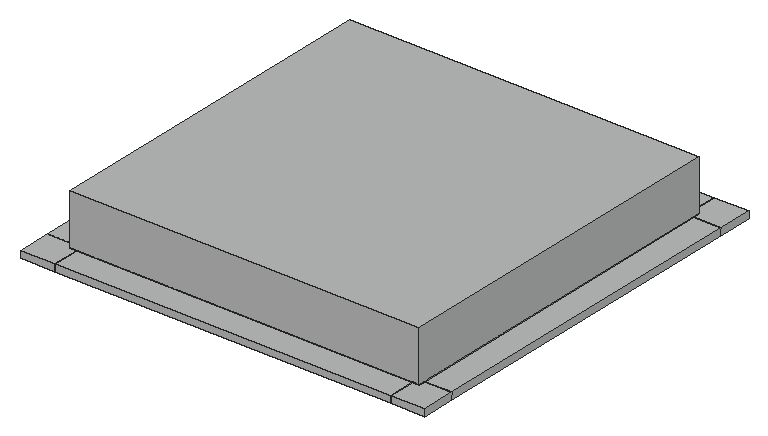
Revit family "ALUMOGIPS", category Осветительные приборы, Revit 2019 (continued)
Types (72, lengths in mm): name | Файл фотометрической сетки | built-in parameter 1150105 | Lumens | built-in parameter 1150106 | built-in parameter 1150142 | Wattage | Emit from Rectangle Width | Emit from Rectangle Length | Длина | Материал светильника | Ширина | ADSK_Ток | ADSK_Полная мощность | ADSK_Обозначение | ADSK_Номинальная мощность | ADSK_Наименование | ADSK_Масса | ADSK_Код изделия
  Alumogips-38/opal-sand 295х1195 (IP40, 4000К, серый) c БАП на 3 часа | "Светильник ALUMOGIPS-38 OPAL-SAND-(295x1195).ies" | 302.39 (stored number, unit not read) | 3800 lm | 3.0239 (stored number, unit not read) | "IESNA:LM-63-1995\r\n[TEST] Протокол №334/16 от 03.11.2016г. Испытательная лаборатория Государственного предприятия \"ЦСОТ НАН Беларуси\"\r\n[MORE] FFFFFFFD255B12BA015C13F525FB5F2F2\r\n[DATA] 02.11.2016\r\n[MANUFAC] ЗАО \"Центрстройсвет\"\r\n[LUMCAT] Светильник ALUMOGIPS-38/OPAL-SAND-(295X1195)\r\n[LUMINAIRE] офисное освещение\r\n[LAMP] \r\nTILT=NONE\r\n1    -1.0   1.000 91 181 1 2   .295   1.195   0.04\r\n1.0  1.0   37.90\r\n0.0 2.0 4.0 6.0 8.0 10.0 12.0 14.0 16.0 18.0 20.0 22.0 24.0 26.0 28.0 30.0 32.0 34.0 36.0 38.0 40.0 42.0 44.0 46.0 48.0 50.0 52.0 54.0 56.0 58.0 60.0 62.0 64.0 66.0 68.0 70.0 72.0 74.0 76.0 78.0 80.0 82.0 84.0 86.0 88.0 90.0 92.0 94.0 96.0 98.0 100.0 102.0 104.0 106.0 108.0 110.0 112.0 114.0 116.0 118.0 120.0 122.0 124.0 126.0 128.0 130.0 132.0 134.0 136.0 138.0 140.0 142.0 144.0 146.0 148.0 150.0 152.0 154.0 156.0 158.0 160.0 162.0 164.0 166.0 168.0 170.0 172.0 174.0 176.0 178.0 180.0 \r\n0.0 2.0 4.0 6.0 8.0 10.0 12.0 14.0 16.0 18.0 20.0 22.0 24.0 26.0 28.0 30.0 32.0 34.0 36.0 38.0 40.0 42.0 44.0 46.0 48.0 50.0 52.0 54.0 56.0 58.0 60.0 62.0 64.0 66.0 68.0 70.0 72.0 74.0 76.0 78.0 80.0 82.0 84.0 86.0 88.0 90.0 92.0 94.0 96.0 98.0 100.0 102.0 104.0 106.0 108.0 110.0 112.0 114.0 116.0 118.0 120.0 122.0 124.0 126.0 128.0 130.0 132.0 134.0 136.0 138.0 140.0 142.0 144.0 146.0 148.0 150.0 152.0 154.0 156.0 158.0 160.0 162.0 164.0 166.0 168.0 170.0 172.0 174.0 176.0 178.0 180.0 182.0 184.0 186.0 188.0 190.0 192.0 194.0 196.0 198.0 200.0 202.0 204.0 206.0 208.0 210.0 212.0 214.0 216.0 218.0 220.0 222.0 224.0 226.0 228.0 230.0 232.0 234.0 236.0 238.0 240.0 242.0 244.0 246.0 248.0 250.0 252.0 254.0 256.0 258.0 260.0 262.0 264.0 266.0 268.0 270.0 272.0 274.0 276.0 278.0 280.0 282.0 284.0 286.0 288.0 290.0 292.0 294.0 296.0 298.0 300.0 302.0 304.0 306.0 308.0 310.0 312.0 314.0 316.0 318.0 320.0 322.0 324.0 326.0 328.0 330.0 332.0 334.0 336.0 338.0 340.0 342.0 344.0 346.0 348.0 350.0 352.0 354.0 356.0 358.0 360.0 \r\n1417.637 1416.354 1411.816 1405.303 1395.733 1384.288 1370.276 1353.307 1334.658 1313.741 1290.456 1264.901 1237.669 1208.563 1177.582 1144.923 1111.476 1076.252 \r\n1039.646 1001.857 963.476 923.417 883.260 842.018 801.072 758.644 716.317 673.693 630.576 587.064 543.749 500.435 457.614 414.891 371.972 330.137 289.191 248.836 209.765 171.778 \r\n133.693 99.653 67.389 36.901 9.077 0.592 0.592 0.592 0.493 0.493 0.493 0.493 0.493 0.493 0.493 0.493 0.395 0.395 0.395 0.395 0.395 0.395 0.395 0.296 0.296 0.296 0.296 0.296 0.296 0.296 0.296 0.197 \r\n0.197 0.197 0.197 0.197 0.197 0.197 0.197 0.098 0.098 0.098 0.098 0.098 0.098 0.098 0.098 0.000 0.000 0.000 0.000 \r\n1417.637 1416.453 1411.914 1405.402 1395.930 1384.583 1370.671 1353.701 1335.053 1314.234 1290.850 1265.395 1238.261 1209.155 1178.075 1145.515 1112.067 1076.844 \r\n1040.239 1002.548 964.167 924.207 883.951 842.708 801.762 759.336 717.008 674.383 631.267 587.755 544.441 501.126 458.206 415.385 372.465 330.631 289.585 249.231 210.160 172.172 \r\n134.088 99.949 67.685 37.198 9.275 0.592 0.592 0.592 0.493 0.493 0.493 0.493 0.493 0.493 0.493 0.493 0.395 0.395 0.395 0.395 0.395 0.395 0.395 0.296 0.296 0.296 0.296 0.296 0.296 0.296 0.296 0.197 \r\n0.197 0.197 0.197 0.197 0.197 0.197 0.197 0.098 0.098 0.098 0.098 0.098 0.098 0.098 0.098 0.000 0.000 0.000 0.000 \r\n1417.637 1416.453 1412.013 1405.600 1396.226 1384.781 1370.968 1354.095 1335.448 1314.629 1291.344 1265.888 1238.754 1209.648 1178.667 1146.206 1112.758 1077.534 \r\n1040.929 1003.140 964.857 924.898 884.740 843.400 802.453 760.026 717.698 674.976 631.859 588.446 545.032 501.718 458.798 415.977 373.057 331.124 290.079 249.625 210.553 172.567 \r\n134.383 100.245 67.883 37.394 9.472 0.592 0.592 0.592 0.493 0.493 0.493 0.493 0.493 0.493 0.493 0.493 0.395 0.395 0.395 0.395 0.395 0.395 0.395 0.296 0.296 0.296 0.296 0.296 0.296 0.296 0.296 0.197 \r\n0.197 0.197 0.197 0.197 0.197 0.197 0.197 0.098 0.098 0.098 0.098 0.098 0.098 0.098 0.098 0.000 0.000 0.000 0.000 \r\n1417.637 1416.551 1412.111 1405.796 1396.423 1385.077 1371.264 1354.391 1335.842 1315.024 1291.837 1266.382 1239.248 1210.240 1179.259 1146.798 1113.350 1078.126 \r\n1041.620 1003.831 965.548 925.588 885.431 844.090 803.143 760.717 718.389 675.666 632.549 589.038 545.723 502.310 459.390 416.569 373.550 331.617 290.474 250.119 210.948 172.863 \r\n134.679 100.541 68.178 37.591 9.669 0.592 0.592 0.592 0.493 0.493 0.493 0.493 0.493 0.493 0.493 0.493 0.395 0.395 0.395 0.395 0.395 0.395 0.395 0.296 0.296 0.296 0.296 0.296 0.296 0.296 0.296 0.197 \r\n0.197 0.197 0.197 0.197 0.197 0.197 0.197 0.098 0.098 0.098 0.098 0.098 0.098 0.098 0.098 0.000 0.000 0.000 0.000 \r\n1417.637 1416.551 1412.309 1405.895 1396.621 1385.373 1371.559 1354.786 1336.237 1315.419 1292.232 1266.875 1239.742 1210.733 1179.851 1147.390 1113.942 1078.816 \r\n1042.310 1004.521 966.238 926.279 886.121 844.879 803.834 761.408 719.080 676.357 633.240 589.728 546.315 502.902 459.982 417.062 374.043 332.110 290.967 250.513 211.343 173.258 \r\n135.074 100.837 68.376 37.888 9.965 0.592 0.592 0.592 0.493 0.493 0.493 0.493 0.493 0.493 0.493 0.493 0.395 0.395 0.395 0.395 0.395 0.395 0.395 0.296 0.296 0.296 0.296 0.296 0.296 0.296 0.296 0.197 \r\n0.197 0.197 0.197 0.197 0.197 0.197 0.197 0.098 0.098 0.098 0.098 0.098 0.098 0.098 0.098 0.000 0.000 0.000 0.000 \r\n1417.637 1416.650 1412.407 1406.093 1396.917 1385.669 1371.954 1355.181 1336.632 1315.912 1292.725 1267.368 1240.334 1211.325 1180.443 1147.982 1114.633 1079.409 \r\n1042.903 1005.212 966.929 926.969 886.812 845.569 804.524 762.098 719.770 677.048 633.832 590.320 546.907 503.494 460.574 417.654 374.636 332.603 291.460 250.908 211.738 173.653 \r\n135.371 101.133 68.671 38.086 10.163 0.592 0.592 0.592 0.493 0.493 0.493 0.493 0.493 0.493 0.493 0.493 0.395 0.395 0.395 0.395 0.395 0.395 0.395 0.296 0.296 0.296 0.296 0.296 0.296 0.296 0.296 0.197 \r\n0.197 0.197 0.197 0.197 0.197 0.197 0.197 0.098 0.098 0.098 0.098 0.098 0.098 0.098 0.098 0.000 0.000 0.000 0.000 \r\n1417.637 1416.650 1412.506 1406.191 1397.114 1385.866 1372.250 1355.576 1337.027 1316.307 1293.218 1267.861 1240.827 1211.918 1181.035 1148.672 1115.225 1080.099 \r\n1043.593 1005.902 967.620 927.660 887.503 846.260 805.215 762.789 720.461 677.739 634.523 591.011 547.598 504.086 461.166 418.247 375.129 333.098 291.855 251.401 212.132 173.948 \r\n135.666 101.429 68.968 38.381 10.360 0.592 0.592 0.592 0.493 0.493 0.493 0.493 0.493 0.493 0.493 0.493 0.395 0.395 0.395 0.395 0.395 0.395 0.395 0.296 0.296 0.296 0.296 0.296 0.296 0.296 0.296 0.197 \r\n0.197 0.197 0.197 0.197 0.197 0.197 0.197 0.098 0.098 0.098 0.098 0.098 0.098 0.098 0.098 0.000 0.000 0.000 0.000 \r\n1417.637 1416.650 1412.604 1406.389 1397.311 1386.162 1372.546 1355.871 1337.421 1316.701 1293.613 1268.355 1241.320 1212.411 1181.627 1149.265 1115.816 1080.691 \r\n1044.284 1006.593 968.212 928.351 888.194 846.951 805.906 763.479 721.151 678.429 635.213 591.702 548.190 504.777 461.758 418.740 375.721 333.591 292.348 251.796 212.527 174.343 \r\n135.962 101.627 69.165 38.579 10.557 0.592 0.592 0.592 0.493 0.493 0.493 0.493 0.493 0.493 0.493 0.395 0.395 0.395 0.395 0.395 0.395 0.395 0.395 0.296 0.296 0.296 0.296 0.296 0.296 0.296 0.296 0.197 \r\n0.197 0.197 0.197 0.197 0.197 0.197 0.197 0.098 0.098 0.098 0.098 0.098 0.098 0.098 0.098 0.000 0.000 0.000 0.000 \r\n1417.637 1416.749 1412.704 1406.586 1397.607 1386.458 1372.941 1356.266 1337.815 1317.095 1294.106 1268.848 1241.813 1213.003 1182.219 1149.856 1116.409 1081.382 \r\n1044.876 1007.283 968.902 929.042 888.885 847.642 806.597 764.170 721.843 679.120 635.806 592.293 548.881 505.368 462.351 419.332 376.214 334.084 292.841 252.191 212.922 174.738 \r\n136.357 101.922 69.461 38.776 10.853 0.592 0.592 0.592 0.493 0.493 0.493 0.493 0.493 0.493 0.493 0.395 0.395 0.395 0.395 0.395 0.395 0.395 0.395 0.296 0.296 0.296 0.296 0.296 0.296 0.296 0.296 0.197 \r\n0.197 0.197 0.197 0.197 0.197 0.197 0.197 0.098 0.098 0.098 0.098 0.098 0.098 0.098 0.098 0.000 0.000 0.000 0.000 \r\n1417.637 1416.749 1412.802 1406.684 1397.805 1386.754 1373.237 1356.661 1338.210 1317.589 1294.599 1269.341 1242.406 1213.496 1182.811 1150.448 1117.099 1081.974 \r\n1045.566 1007.974 969.593 929.732 889.575 848.333 807.287 764.861 722.533 679.712 636.496 592.985 549.472 505.960 462.942 419.825 376.707 334.577 293.236 252.684 213.317 175.034 \r\n136.652 102.218 69.659 39.072 11.051 0.592 0.592 0.592 0.493 0.493 0.493 0.493 0.493 0.493 0.493 0.395 0.395 0.395 0.395 0.395 0.395 0.395 0.395 0.296 0.296 0.296 0.296 0.296 0.296 0.296 0.296 0.197 \r\n0.197 0.197 0.197 0.197 0.197 0.197 0.197 0.098 0.098 0.098 0.098 0.098 0.098 0.098 0.098 0.000 0.000 0.000 0.000 \r\n1417.637 1416.848 1412.901 1406.882 1398.002 1387.051 1373.533 1356.957 1338.605 1317.983 1294.994 1269.834 1242.899 1214.089 1183.403 1151.041 1117.692 1082.665 \r\n1046.257 1008.566 970.284 930.423 890.266 849.121 807.978 765.552 723.224 680.403 637.187 593.675 550.163 506.553 463.534 420.416 377.300 335.071 293.729 253.079 213.712 175.429 \r\n136.949 102.515 69.954 39.269 11.248 0.592 0.592 0.592 0.493 0.493 0.493 0.493 0.493 0.493 0.493 0.395 0.395 0.395 0.395 0.395 0.395 0.395 0.395 0.296 0.296 0.296 0.296 0.296 0.296 0.296 0.296 0.197 \r\n0.197 0.197 0.197 0.197 0.197 0.197 0.197 0.098 0.098 0.098 0.098 0.098 0.098 0.098 0.098 0.000 0.000 0.000 0.000 \r\n1417.637 1416.848 1412.999 1407.079 1398.298 1387.247 1373.829 1357.352 1339.000 1318.378 1295.488 1270.327 1243.392 1214.680 1183.995 1151.731 1118.283 1083.257 \r\n1046.849 1009.257 970.975 931.113 891.055 849.813 808.668 766.242 723.914 681.093 637.779 594.266 550.755 507.145 464.126 421.009 377.793 335.564 294.222 253.474 214.105 175.823 \r\n137.343 102.810 70.250 39.467 11.445 0.592 0.592 0.592 0.493 0.493 0.493 0.493 0.493 0.493 0.493 0.395 0.395 0.395 0.395 0.395 0.395 0.395 0.395 0.296 0.296 0.296 0.296 0.296 0.296 0.296 0.296 0.197 \r\n0.197 0.197 0.197 0.197 0.197 0.197 0.197 0.098 0.098 0.098 0.098 0.098 0.098 0.098 0.098 0.000 0.000 0.000 0.000 \r\n1417.637 1416.946 1413.098 1407.178 1398.495 1387.544 1374.223 1357.747 1339.395 1318.773 1295.882 1270.822 1243.886 1215.174 1184.587 1152.323 1118.974 1083.848 \r\n1047.540 1009.947 971.665 931.903 891.746 850.503 809.359 766.933 724.507 681.784 638.470 594.958 551.445 507.836 464.718 421.502 378.287 336.057 294.617 253.967 214.500 176.119 \r\n137.640 103.106 70.447 39.762 11.741 0.592 0.592 0.592 0.493 0.493 0.493 0.493 0.493 0.493 0.493 0.395 0.395 0.395 0.395 0.395 0.395 0.395 0.395 0.296 0.296 0.296 0.296 0.296 0.296 0.296 0.296 0.197 \r\n0.197 0.197 0.197 0.197 0.197 0.197 0.197 0.098 0.098 0.098 0.098 0.098 0.098 0.098 0.098 0.000 0.000 0.000 0.000 \r\n1417.637 1416.946 1413.197 1407.376 1398.693 1387.839 1374.520 1358.042 1339.789 1319.168 1296.376 1271.315 1244.477 1215.765 1185.179 1152.915 1119.566 1084.539 \r\n1048.230 1010.638 972.356 932.594 892.436 851.194 810.050 767.623 725.197 682.474 639.160 595.649 552.038 508.427 465.310 422.094 378.878 336.550 295.111 254.362 214.895 176.514 \r\n137.935 103.403 70.744 39.960 11.939 0.592 0.592 0.592 0.493 0.493 0.493 0.493 0.493 0.493 0.493 0.395 0.395 0.395 0.395 0.395 0.395 0.395 0.395 0.296 0.296 0.296 0.296 0.296 0.296 0.296 0.296 0.197 \r\n0.197 0.197 0.197 0.197 0.197 0.197 0.197 0.098 0.098 0.098 0.098 0.098 0.098 0.098 0.098 0.000 0.000 0.000 0.000 \r\n1417.637 1417.044 1413.295 1407.474 1398.890 1388.135 1374.815 1358.437 1340.184 1319.661 1296.869 1271.808 1244.971 1216.258 1185.673 1153.507 1120.158 1085.131 \r\n1048.823 1011.329 973.046 933.284 893.127 851.884 810.741 768.314 725.888 683.165 639.752 596.240 552.728 509.019 465.902 422.686 379.371 337.044 295.505 254.757 215.388 176.909 \r\n138.232 103.698 70.942 40.157 12.136 0.592 0.592 0.592 0.493 0.493 0.493 0.493 0.493 0.493 0.493 0.395 0.395 0.395 0.395 0.395 0.395 0.395 0.395 0.296 0.296 0.296 0.296 0.296 0.296 0.296 0.296 0.197 \r\n0.197 0.197 0.197 0.197 0.197 0.197 0.197 0.098 0.098 0.098 0.098 0.098 0.098 0.098 0.098 0.000 0.000 0.000 0.000 \r\n1417.637 1417.044 1413.394 1407.671 1399.187 1388.333 1375.111 1358.832 1340.578 1320.056 1297.264 1272.301 1245.464 1216.851 1186.264 1154.099 1120.849 1085.822 \r\n1049.513 1012.020 973.737 933.975 893.818 852.575 811.432 769.004 726.578 683.855 640.443 596.930 553.321 509.611 466.494 423.180 379.964 337.537 295.999 255.250 215.783 177.304 \r\n138.626 103.994 71.237 40.453 12.333 0.592 0.592 0.592 0.493 0.493 0.493 0.493 0.493 0.493 0.493 0.395 0.395 0.395 0.395 0.395 0.395 0.395 0.395 0.296 0.296 0.296 0.296 0.296 0.296 0.296 0.296 0.197 \r\n0.197 0.197 0.197 0.197 0.197 0.197 0.197 0.098 0.098 0.098 0.098 0.098 0.098 0.098 0.098 0.000 0.000 0.000 0.000 \r\n1417.637 1417.143 1413.492 1407.869 1399.383 1388.629 1375.506 1359.226 1340.973 1320.451 1297.757 1272.795 1246.056 1217.443 1186.856 1154.790 1121.441 1086.414 \r\n1050.204 1012.711 974.428 934.665 894.508 853.365 812.122 769.695 727.269 684.448 641.134 597.523 554.011 510.203 467.086 423.772 380.457 338.031 296.492 255.645 216.178 177.599 \r\n138.922 104.291 71.533 40.650 12.629 0.592 0.592 0.592 0.493 0.493 0.493 0.493 0.493 0.493 0.493 0.395 0.395 0.395 0.395 0.395 0.395 0.395 0.395 0.296 0.296 0.296 0.296 0.296 0.296 0.296 0.296 0.197 \r\n0.197 0.197 0.197 0.197 0.197 0.197 0.197 0.098 0.098 0.098 0.098 0.098 0.098 0.098 0.098 0.000 0.000 0.000 0.000 \r\n1417.637 1417.143 1413.592 1407.967 1399.580 1388.925 1375.803 1359.523 1341.367 1320.845 1298.250 1273.288 1246.550 1217.936 1187.448 1155.382 1122.032 1087.105 \r\n1050.894 1013.401 975.119 935.356 895.199 854.055 812.813 770.386 727.959 685.138 641.725 598.213 554.603 510.795 467.678 424.265 380.951 338.524 296.887 256.038 216.573 177.994 \r\n139.218 104.586 71.730 40.848 12.826 0.592 0.592 0.493 0.493 0.493 0.493 0.493 0.493 0.493 0.493 0.395 0.395 0.395 0.395 0.395 0.395 0.395 0.395 0.296 0.296 0.296 0.296 0.296 0.296 0.296 0.296 0.197 \r\n0.197 0.197 0.197 0.197 0.197 0.197 0.197 0.098 0.098 0.098 0.098 0.098 0.098 0.098 0.098 0.000 0.000 0.000 0.000 \r\n1417.637 1417.242 1413.690 1408.165 1399.877 1389.220 1376.098 1359.917 1341.762 1321.339 1298.645 1273.781 1247.043 1218.528 1188.041 1155.974 1122.723 1087.697 \r\n1051.487 1013.993 975.810 936.046 895.889 854.746 813.503 771.077 728.650 685.829 642.416 598.904 555.294 511.486 468.270 424.857 381.542 339.018 297.380 256.533 216.967 178.389 \r\n139.613 104.882 72.026 41.143 13.024 0.592 0.592 0.493 0.493 0.493 0.493 0.493 0.493 0.493 0.493 0.395 0.395 0.395 0.395 0.395 0.395 0.395 0.395 0.296 0.296 0.296 0.296 0.296 0.296 0.296 0.296 0.197 \r\n0.197 0.197 0.197 0.197 0.197 0.197 0.197 0.098 0.098 0.098 0.098 0.098 0.098 0.098 0.098 0.000 0.000 0.000 0.000 \r\n1417.637 1417.242 1413.789 1408.362 1400.075 1389.517 1376.394 1360.311 1342.157 1321.733 1299.138 1274.274 1247.536 1219.022 1188.632 1156.566 1123.315 1088.388 \r\n1052.177 1014.684 976.500 936.738 896.581 855.436 814.194 771.768 729.341 686.519 643.107 599.496 555.885 512.078 468.862 425.449 382.035 339.511 297.873 256.926 217.362 178.685 \r\n139.909 105.079 72.223 41.341 13.221 0.592 0.592 0.493 0.493 0.493 0.493 0.493 0.493 0.493 0.493 0.395 0.395 0.395 0.395 0.395 0.395 0.395 0.395 0.296 0.296 0.296 0.296 0.296 0.296 0.296 0.296 0.197 \r\n0.197 0.197 0.197 0.197 0.197 0.197 0.197 0.098 0.098 0.098 0.098 0.098 0.098 0.098 0.098 0.000 0.000 0.000 0.000 \r\n1417.637 1417.341 1413.986 1408.461 1400.271 1389.715 1376.789 1360.608 1342.552 1322.128 1299.632 1274.768 1248.128 1219.614 1189.224 1157.256 1123.907 1088.980 \r\n1052.868 1015.374 977.191 937.428 897.369 856.127 814.884 772.458 730.032 687.211 643.698 600.187 556.577 512.670 469.454 425.942 382.529 340.004 298.268 257.321 217.756 179.080 \r\n140.204 105.376 72.520 41.538 13.517 0.592 0.592 0.493 0.493 0.493 0.493 0.493 0
